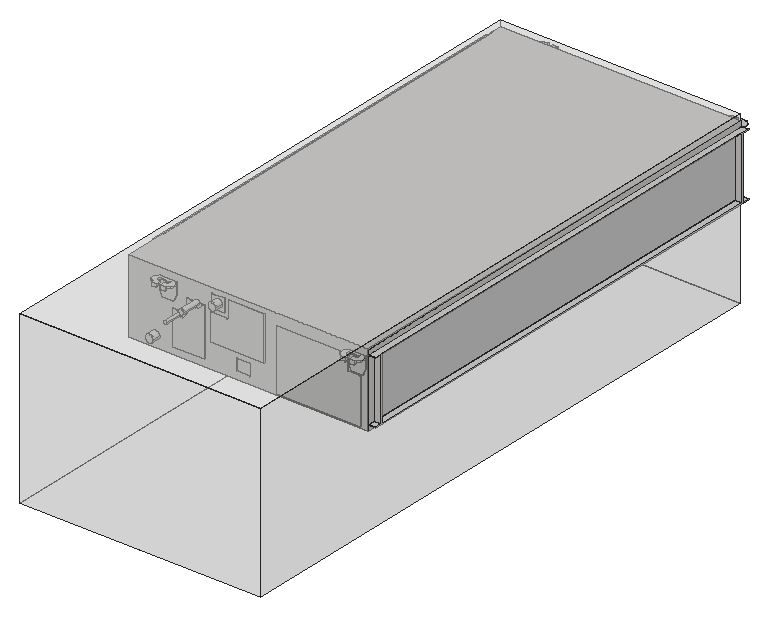
Revit family "outputfile", category 機械設備, Revit 2024
Family settings
  丸型コネクタ寸法 = 半径を使用
  パーツ タイプ = 標準
  OmniClass 番号 = 23.75.10.24.21.27.27
  OmniClass タイトル = Split System Air Conditioning Units
  作業面ベース = いいえ
  常に垂直 = はい
  ロード時にボイドで切り取り = いいえ
  注釈の向きを維持 = いいえ
  共有 = いいえ
  部屋計算ポイント = はい
Parameters (values of type "FXSA140AVM4")
  製造元 = "Daikin"
  書き出し IFC クラス(タイプ) = "IfcUnitaryEquipmentType"
  定義済み IFC タイプ(タイプ) = "AIRCONDITIONINGUNIT"
  モデル = "FXSA140AVM4"
  switch_frequency = yes
  r_Liquid Pipe Size = Liquid Pipe Size / 2  # 4.75 mm
  r_Gas Pipe Size = Gas Pipe Size / 2  # 7.95 mm
  r_Drain Pipe Size = Drain Pipe Size / 2  # 12.5 mm
  lw_power = 770.0 mm
  lh_SA = 138.0 mm
  lw_SA = if(Width = 550.0 mm, 225.0 mm, if(Width = 700.0 mm, 300.0 mm, if(Width = 1000.0 mm, 450.0 mm, if(Width = 1400.0 mm, 650.0 mm, 725.0 mm))))  # 725.0 mm
  lw_RA = if(Width = 550.0 mm, 275.0 mm, if(Width = 700.0 mm, 349.0 mm, if(Width = 1000.0 mm, 499.0 mm, if(Width = 1400.0 mm, 699.0 mm, 775.0 mm))))  # 775.0 mm
  lh_power = 60.0 mm + [h***]  # 60.0 mm
  lh_mountinghole1 = lh_mountinghole + [h***]  # 222.0 mm
  lh_RA = 123.0 mm
  ld_power = Width / 2  # 775.0 mm
  connector_voltage = Voltage_50Hz  # 220 V
  connector_powerinput = [Power Input (Cooling)]  # 0.222 kW
  connector_phase = Phase_50Hz  # 1
  Voltage_comment_60Hz = "220"
  Voltage_comment_50Hz = "220-240"
  Voltage_60Hz = 220 V
  Voltage_50Hz = 220 V
  Total Heating Capacity [instance] = 0.000 kW
  Supply Air Direction [instance] = yes
  Sound Power Level_H speed (dB) = 71
  Power Input (Heating) = 0.217 kW
  Phase_60Hz = 1
  Phase_50Hz = 1
  Nominal Heating Capacity = 18.000 kW
  Minimum External Static Pressure = 50.00 Pa
  Minimum Circuit Amps_60Hz = 3.3 A
  Minimum Circuit Amps_50Hz = 3.3 A
  Maximum Fuse Amps_60Hz = 16.0 A
  Maximum Fuse Amps_50Hz = 16.0 A
  Maximum External Static Pressure = 140.00 Pa
  Material_Casing = DAIKIN_GalvanizedSteel_Casing_indoorunit
  lw_mountinghole = 630.0 mm
  lh_gaspipe = 183.0 mm + [h***]  # 183.0 mm
  lh_mountinghole = 222.0 mm
  lh_liquidpipe = 136.0 mm + [h***]  # 136.0 mm
  lh_drainpipe = 207.0 mm + [h***]  # 207.0 mm
  lh_antena = Height - lh_mountinghole + 1.0 mm  # 24.0 mm
  ld_drainpipe = Width / 2 + 26.0 mm  # 801.0 mm
  ld_liquidpipe = 844.0 mm
  ld_gaspipe = Width / 2 + 65.0 mm  # 840.0 mm
  ld_mountinghole = Width + 38.0 mm  # 1588.0 mm
  h*** = 0.0 mm
  lw_liquidpipe = 179.0 mm
  lw_gaspipe = 229.0 mm
  lw_drainpipe = 300.0 mm
  Width = 1550.0 mm
  Version = "ver.1.0"
  Unit Type = "Duct_M.S.P."
  Unit Mass Weight = 52.00 kg
  Unit Designation [instance] = ""
  Uniclass2015Version = "Products v1.30"
  Uniclass2015Title = "Variable refrigerant flow units"
  Uniclass2015Code = "Pr_70_65_03_94"
  Total Cooling Capacity [instance] = 0.000 kW
  Sound Pressure Level_M speed (dBA) = 40
  Sound Pressure Level_L speed (dBA) = 36
  Sound Pressure Level_H speed (dBA) = 43
  Series = "VRV Fan Coil Unit"
  Sensible Cooling Capacity [instance] = 0.000 kW
  SA Duct Size Width = 1337.0 mm
  SA Duct Size Height = 176.0 mm
  Refrigerant Type = "R32"
  RA Duct Size Width = 1502.0 mm
  RA Duct Size Height = 208.0 mm
  Power Input (Cooling) = 0.222 kW
  Option Accessory 3 [instance] = ""
  Option Accessory 2 [instance] = ""
  Option Accessory 1 [instance] = ""
  Nominal Cooling Capacity = 16.000 kW
  Minimum Airflow = 1680.00 m³/h
  Median Airflow = 2010.00 m³/h
  Maximum Airflow = 2340.00 m³/h
  Load Classification = HVAC
  Liquid Pipe Size = 9.5 mm
  Link_Nested Family [instance] = ""
  IfcVersion = ""
  IfcExportType = "AIRCONDITIONINGUNIT"
  IfcExportAs = "IfcUnitaryEquipmentType"
  Height = 245.0 mm
  Heating Entering Wet Bulb Temperature [instance] = -273.15 °C
  Heating Entering Dry Bulb Temperature [instance] = -273.15 °C
  Heating Ambient Wet Bulb Temperature [instance] = -273.15 °C
  Heating Ambient Dry Bulb Temperature [instance] = -273.15 °C
  Heat Exchanger Type = "Cross Fin Coil"
  Gas Pipe Size = 15.9 mm
  Frequency_60Hz = 60 Hz
  Frequency_50Hz = 50 Hz
  Fan Type = "Sirocco Fan"
  Fan Drive = "Direct Drive"
  FCU Tag No. [instance] = ""
  Drain Pipe Size = 25.0 mm
  Design Supply Airflow [instance] = 0.00 m³/h
  Design Return Airflow [instance] = 0.00 m³/h
  Design External Static Pressure [instance] = 0.00 Pa
  Depth = 800.0 mm
  既定の高さ = 0.0 mm
  Cooling Entering Wet Bulb Temperature [instance] = 0.00 °C
  Cooling Entering Dry Bulb Temperature [instance] = 0.00 °C
  Cooling Ambient Wet Bulb Temperature [instance] = 0.00 °C
  Cooling Ambient Dry Bulb Temperature [instance] = 0.00 °C
  Clearance visibility [instance] = yes
  Clearance Top = 20.0 mm
  Clearance Right = 0.0 mm
  Clearance Rear = 0.0 mm
  Clearance Left = 0.0 mm
  Clearance Front = 450.0 mm
  Clearance Bottom = 300.0 mm
Reference planes
  plane 1 "Center (Front/Back)": y = 0
  plane 2 "h": z = 0
  plane 3 "Center (Left/Right)": x = 0
  plane 4 "Back": y = 775
  plane 5 "Front": y = -775
  plane 6 "Left": x = -400
  plane 7 "Right": x = 400
  plane 8 "Top": z = 0
  plane 9 "Bottom": z = -245
  plane 10: y = -215
  plane 11: y = 775
  plane 12: y = -1225
  plane 13: x = -400
  plane 14: x = 400
  plane 15: z = 20
  plane 16: z = -545
  plane 17: x = -400
  plane 18: x = -399
  plane 19: x = 399
  plane 20: y = 50
  plane 21: y = 0
  plane 22: z = -122
  plane 23: y = -776
  plane 24: z = -109
  plane 25: x = -221
  plane 26: y = -840
  plane 27: z = -62
  plane 28: x = -171
  plane 29: y = -801
  plane 30: z = -38
  plane 31: x = -100
  plane 32: x = -100
  plane 33: x = -221
  plane 34: x = -171
  plane 35: x = 370
  plane 36: x = -266
  plane 37: x = 364
  plane 38: y = -794
  plane 39: y = 794
  plane 40: z = -23
  plane 41: z = -107
  plane 42: y = -844
  plane 43: z = -207
  plane 44: x = -309
  plane 45: y = -376
  plane 46: x = -251
  plane 47: x = -203
  plane 48: x = -144
  plane 49: z = -59
  plane 50: z = -106
  plane 51: z = -221
  plane 52: z = -109
  plane 53: x = -221
  plane 54: z = -62
  plane 55: x = -171
  plane 56: z = -17
  plane 57: z = -59
  plane 58: x = -121
  plane 59: x = -79
  plane 60: x = -125
  plane 61: x = -64
  plane 62: x = 53
  plane 63: z = -164
  plane 64: z = -73
  plane 65: z = -16
  plane 66: x = 93.5
  plane 67: x = 374.5
  plane 68: x = 330
  plane 69: z = -88.5
  plane 70: z = -38
  plane 71: z = -242.5
  plane 72: x = -38.5
  plane 73: x = 6.5
  plane 74: z = -181
  plane 75: z = -221
  plane 76: y = -774
  plane 77: x = -424
  plane 78: x = 424
Forms (mm)
  Extrusion 1, solid, material "DAIKIN_GalvanizedSteel_Casing_indoorunit" <- "Material_Casing"
    sketch origin (0, 0, 0) x (1, 0, 0) y (0, 1, 0)
      loop
        line (-399, 775) -> (-399, -775) -> (399, -775) -> (399, 775) -> (-399, 775)
    from -245 to 0
  Extrusion 2, solid, material "DAIKIN_GalvanizedSteel_Casing_indoorunit" <- "Material_Casing"
    sketch origin (0, 0, 0) x (1, 0, 0) y (0, 0, 1)
      loop
        line (-251, -221) -> (-144, -221) -> (-144, -59) -> (-154.47, -59)
        arc (-154.47, -59) -> (-171, -78.8) -> (-187.53, -59) r 16.8
        line (-187.53, -59) -> (-203, -59) -> (-203, -106) -> (-206.916, -106)
        arc (-206.916, -106) -> (-221, -123.4) -> (-235.084, -106) r 14.4
        line (-235.084, -106) -> (-251, -106) -> (-251, -221)
    from 775 to 776
  Extrusion 3, solid, material "DAIKIN_GalvanizedSteel_Casing_indoorunit" <- "Material_Casing"
    sketch origin (0, 0, 0) x (1, 0, 0) y (0, 0, 1)
      loop
        line (-121, -17) -> (-121, -59) -> (-79, -59) -> (-79, -17) -> (-121, -17)
      loop
        line (-125, -73) -> (-125, -164) -> (53, -164) -> (53, -16) -> (-64, -16) -> (-64, -73) -> (-125, -73)
    from 775 to 776
  Extrusion 4, solid, material "DAIKIN_GalvanizedSteel_Casing_indoorunit" <- "Material_Casing"
    sketch origin (0, 0, 0) x (1, 0, 0) y (0, 0, 1)
      loop
        line (93.5, -38) -> (93.5, -242.5) -> (374.5, -242.5) -> (374.5, -88.5) -> (330, -88.5) -> (330, -38) -> (93.5, -38)
    from 775 to 776
  Extrusion 5, solid, material "DAIKIN_GalvanizedSteel_Casing_indoorunit" <- "Material_Casing"
    sketch origin (0, 0, 0) x (1, 0, 0) y (0, 0, 1)
      loop
        circle (-221, -109) r 4.75
    from 775 to 844
  Extrusion 6, solid, material "DAIKIN_GalvanizedSteel_Casing_indoorunit" <- "Material_Casing"
    sketch origin (0, 0, 0) x (1, 0, 0) y (0, 0, 1)
      loop
        circle (-171, -62) r 7.95
    from 775 to 840
  Extrusion 7, solid, material "DAIKIN_GalvanizedSteel_Casing_indoorunit" <- "Material_Casing"
    sketch origin (0, 0, 0) x (1, 0, 0) y (0, 0, 1)
      loop
        circle (-100, -38) r 12.5
    from 776 to 801
  Extrusion 8, solid, material "DAIKIN_GalvanizedSteel_Casing_indoorunit" <- "Material_Casing"
    sketch origin (0, 0, 0) x (1, 0, 0) y (0, 0, 1)
      loop
        circle (-309, -207) r 13
    from 775 to 801
  Extrusion 9, void
    sketch origin (0, 0, 0) x (1, 0, 0) y (0, 0, 1)
      loop
        line (-38.5, -181) -> (-38.5, -221) -> (6.5, -221) -> (6.5, -181) -> (-38.5, -181)
    from 774 to 775
Cuts and joins
  Extrusion 9 cuts Extrusion 1
Dimensions and locks
  "Height": plane 8 "Top" to plane 9 "Bottom"
  equal spacing: plane 4 "Back", plane 1 "Center (Front/Back)", plane 5 "Front"
  "Width": plane 4 "Back" to plane 5 "Front"
  equal spacing: plane 6 "Left", plane 3 "Center (Left/Right)", plane 7 "Right"
  "Depth": plane 6 "Left" to plane 7 "Right"
  "Clearance Left": plane 13 to plane 6 "Left"
  "Clearance Right": plane 7 "Right" to plane 14
  "Clearance Rear": plane 11 to plane 4 "Back"
  "Clearance Front": plane 5 "Front" to plane 12
  "Clearance Top": plane 15 to plane 8 "Top"
  "Clearance Bottom": plane 9 "Bottom" to plane 16
  locked: plane 17 to plane 18 at 1
  locked: plane 19 to plane 14 at 1
  "lw_SA": plane 11 to plane 20
  "lw_RA": plane 21 to plane 5 "Front"
  "lh_RA": plane 22 to plane 9 "Bottom"
  locked: plane 5 "Front" to plane 23 at 1
  "lw_liquidpipe": plane 25 to plane 6 "Left"
  "lh_liquidpipe": plane 24 to plane 9 "Bottom"
  "lh_gaspipe": plane 27 to plane 9 "Bottom"
  "lw_gaspipe": plane 28 to plane 6 "Left"
  "ld_gaspipe": plane 26 to plane 1 "Center (Front/Back)"
  "ld_drainpipe": plane 29 to plane 1 "Center (Front/Back)"
  "lh_drainpipe": plane 30 to plane 9 "Bottom"
  "lw_drainpipe": plane 31 to plane 6 "Left"
  "lw_drainpipe": plane 6 "Left" to plane 32
  "lw_liquidpipe": plane 6 "Left" to plane 33
  "lw_gaspipe": plane 6 "Left" to plane 34
  "lw_power": plane 6 "Left" to plane 35
  locked: plane 17 to plane 36 at 134
  "lw_mountinghole": plane 36 to plane 37
  equal spacing: plane 38, plane 1 "Center (Front/Back)", plane 39
  "ld_mountinghole": plane 39 to plane 38
  "lh_mountinghole": plane 40 to plane 9 "Bottom"
  "lh_SA": plane 41 to plane 9 "Bottom"
  locked: plane 44 to plane 6 "Left" at 91
  locked: plane 43 to plane 9 "Bottom" at 38
  plane 48 to plane 47 to plane 46 to plane 6 "Left" = 59.0 mm, 48.0 mm, 149.0 mm
  plane 8 "Top" to plane 49 to plane 50 to plane 51 = 59.0 mm locked, 47.0 mm locked, 115.0 mm locked
  plane 55 to plane 53 to plane 6 "Left" = 50.0 mm locked, 179.0 mm locked
  plane 54 to plane 52 to plane 9 "Bottom" = 47.0 mm locked, 136.0 mm locked
  plane 59 to plane 58 to plane 6 "Left" = 42.0 mm locked, 279.0 mm locked
  plane 8 "Top" to plane 56 to plane 57 = 17.0 mm locked, 42.0 mm locked
  plane 62 to plane 61 to plane 60 to plane 6 "Left" = 117.0 mm, 61.0 mm, 275.0 mm
  plane 8 "Top" to plane 65 to plane 64 = 16.0 mm locked, 57.0 mm locked
  locked: plane 65 to plane 63 at 148
  plane 8 "Top" to plane 70 to plane 69 to plane 71 = 38.0 mm locked, 50.5 mm locked, 154.0 mm locked
  plane 67 to plane 68 to plane 66 to plane 6 "Left" = 44.5 mm locked, 236.5 mm locked, 493.5 mm locked
  plane 8 "Top" to plane 74 to plane 75 = 181.0 mm locked, 40.0 mm locked
  plane 73 to plane 72 to plane 6 "Left" = 45.0 mm, 361.5 mm
  locked: plane 76 to plane 5 "Front" at 1
  locked: plane 77 to plane 17 at 24
  locked: plane 14 to plane 78 at 24
  "ld_liquidpipe": plane 42 to plane 1 "Center (Front/Back)"
  "r_Liquid Pipe Size": radius of Extrusion 5 sketch curve
  "r_Gas Pipe Size": radius of Extrusion 6 sketch curve
  "r_Drain Pipe Size": radius of Extrusion 7 sketch curve
  aligned and locked: level to plane 2 "h"
  aligned and locked: plane 8 "Top" to Extrusion 1
  aligned and locked: Extrusion 1 to plane 9 "Bottom"
  aligned and locked: nested 5 to plane 12
  aligned and locked: plane 13 to nested 5
  aligned and locked: plane 14 to nested 5
  aligned and locked: nested 5 to plane 13
  aligned and locked: plane 11 to nested 5
  aligned and locked: plane 15 to nested 5
  aligned and locked: plane 16 to nested 5
  aligned and locked: plane 5 "Front" to Extrusion 1 sketch curve
  aligned and locked: Extrusion 1 to plane 18
  aligned and locked: plane 19 to Extrusion 1
  aligned and locked: nested 7 to plane 18
  aligned and locked: nested 7 to plane 20
  aligned and locked: plane 19 to nested 8
  aligned and locked: plane 21 to nested 8
  aligned and locked: plane 22 to nested 8
  aligned and locked: Extrusion 2 to plane 23
  aligned and locked: plane 5 "Front" to Extrusion 2
  aligned and locked: Extrusion 3 to plane 23
  aligned and locked: plane 5 "Front" to Extrusion 3
  aligned and locked: plane 5 "Front" to Extrusion 4
  aligned and locked: Extrusion 5 sketch curve to plane 25
  aligned and locked: plane 24 to Extrusion 5 sketch curve
  aligned and locked: plane 5 "Front" to Extrusion 5
  aligned and locked: Extrusion 6 sketch curve to plane 28
  aligned and locked: plane 27 to Extrusion 6 sketch curve
  aligned and locked: plane 5 "Front" to Extrusion 6
  aligned and locked: Extrusion 7 sketch curve to plane 31
  aligned and locked: Extrusion 7 sketch curve to plane 30
  aligned and locked: Extrusion 7 to plane 29
  aligned and locked: plane 23 to Extrusion 7
  aligned and locked: nested 3 to plane 29
  aligned and locked: nested 3 to plane 32
  aligned and locked: nested 2 to plane 33
  aligned and locked: nested 1 to plane 34
  aligned and locked: Extrusion 6 to plane 26
  aligned and locked: nested 1 to plane 26
  aligned and locked: nested 6 to plane 5 "Front"
  aligned and locked: nested 6 to plane 35
  aligned and locked: plane 36 to nested 10
  aligned and locked: nested 10 to plane 5 "Front"
  aligned and locked: plane 37 to nested 9
  aligned and locked: nested 9 to plane 5 "Front"
  aligned and locked: nested 11 to plane 36
  aligned and locked: plane 4 "Back" to nested 11
  aligned and locked: nested 12 to plane 37
  aligned and locked: plane 4 "Back" to nested 12
  aligned and locked: plane 40 to nested 10
  aligned and locked: plane 40 to nested 11
  aligned and locked: plane 40 to nested 9
  aligned and locked: plane 40 to nested 12
  aligned and locked: plane 36 to nested 14
  aligned and locked: nested 14 to plane 39
  aligned and locked: plane 37 to nested 13
  aligned and locked: nested 13 to plane 39
  aligned and locked: plane 37 to nested 16
  aligned and locked: plane 38 to nested 16
  aligned and locked: plane 38 to nested 15
  aligned and locked: plane 36 to nested 15
  aligned and locked: plane 17 to plane 6 "Left"
  aligned and locked: plane 41 to nested 7
  aligned and locked: Extrusion 5 to plane 42
  aligned and locked: nested 2 to plane 42
  aligned and locked: Extrusion 8 sketch curve to plane 44
  aligned and locked: plane 43 to Extrusion 8 sketch curve
  aligned and locked: plane 5 "Front" to Extrusion 8
  aligned and locked: Extrusion 3 sketch curve to plane 56
  aligned and locked: Extrusion 3 sketch curve to plane 58
  aligned and locked: plane 57 to Extrusion 3 sketch curve
  aligned and locked: plane 59 to Extrusion 3 sketch curve
  aligned and locked: Extrusion 4 to plane 23
  aligned and locked: Extrusion 9 sketch curve to plane 74
  aligned and locked: plane 75 to Extrusion 9 sketch curve
  aligned and locked: plane 73 to Extrusion 9 sketch curve
  aligned and locked: plane 5 "Front" to Extrusion 9
  aligned and locked: plane 76 to Extrusion 9
  aligned and locked: nested 17 to plane 20
  aligned and locked: nested 17 to plane 77
  aligned and locked: plane 21 to nested 18
  aligned and locked: plane 78 to nested 18
  aligned and locked: plane 41 to nested 17
  aligned and locked: nested 18 to plane 22
  aligned and locked: nested 4 to plane 3 "Center (Left/Right)"
  aligned and locked: plane 1 "Center (Front/Back)" to nested 4
  aligned and locked: level to plane 8 "Top"
  aligned and locked: Extrusion 8 to plane 29
Automatic sketch dimensions
  plane 6 "Left" to Extrusion 1 sketch curve = 1.0 mm
  Extrusion 1 sketch curve to plane 7 "Right" = 1.0 mm
  Extrusion 1 sketch curve to plane 4 "Back" = 0.0 mm
  Extrusion 2 sketch curve to plane 46 = 0.0 mm
  Extrusion 2 sketch curve to plane 33 = 0.0 mm
  Extrusion 2 sketch curve to plane 47 = 0.0 mm
  Extrusion 2 sketch curve to plane 34 = 0.0 mm
  Extrusion 2 sketch curve to plane 48 = 0.0 mm
  Extrusion 2 sketch curve to plane 51 = 0.0 mm
  Extrusion 2 sketch curve to plane 52 = 0.0 mm
  Extrusion 2 sketch curve to plane 50 = 0.0 mm  (x3)
  Extrusion 2 sketch curve to plane 54 = 0.0 mm
  Extrusion 2 sketch curve to plane 49 = 0.0 mm  (x3)
  plane 33 to Extrusion 2 sketch curve = 14.084 mm
  plane 34 to Extrusion 2 sketch curve = 16.53 mm
  Extrusion 3 sketch curve to plane 60 = 0.0 mm
  Extrusion 3 sketch curve to plane 61 = 0.0 mm
  Extrusion 3 sketch curve to plane 62 = 0.0 mm
  Extrusion 3 sketch curve to plane 63 = 0.0 mm
  Extrusion 3 sketch curve to plane 64 = 0.0 mm
  Extrusion 3 sketch curve to plane 65 = 0.0 mm
  Extrusion 4 sketch curve to plane 66 = 0.0 mm
  Extrusion 4 sketch curve to plane 68 = 0.0 mm
  Extrusion 4 sketch curve to plane 67 = 0.0 mm
  Extrusion 4 sketch curve to plane 71 = 0.0 mm
  Extrusion 4 sketch curve to plane 69 = 0.0 mm
  Extrusion 4 sketch curve to plane 70 = 0.0 mm
  Extrusion 9 sketch curve to plane 72 = 0.0 mm
  radius of Extrusion 8 sketch curve = 13.0 mm
Nested families
  nested 1: "daikin_connector_rotate2" at (-171, 0, -62), length <- "ld_gaspipe", built-in parameter 1001364 <- "lh_gaspipe", radius <- "r_Gas Pipe Size", type "daikin_connector_rotate2"
    with radius 7.95 mm, length 840.0 mm, angle_vertical 90.00°
  nested 2: "daikin_connector_rotate2" at (-221, 0, -109), length <- "ld_liquidpipe", built-in parameter 1001364 <- "lh_liquidpipe", radius <- "r_Liquid Pipe Size", type "daikin_connector_rotate2"
    with radius 4.75 mm, length 844.0 mm, angle_vertical 90.00°
  nested 3: "daikin_connector_rotate2" at (-100, 0, -38), length <- "ld_drainpipe", built-in parameter 1001364 <- "lh_drainpipe", radius <- "r_Drain Pipe Size", type "daikin_connector_rotate2"
    with radius 12.5 mm, length 801.0 mm, angle_vertical 90.00°
  nested 4: "daikin_△_symbolicline" at (0, 0, 245) x (0, -1, 0) z (0, 0, 1), built-in parameter 1001364 <- "Height", visible <- "Supply Air Direction", type "daikin_△_symbolicline"
    with length 200.0 mm
  nested 5: "daikin_clearancespace" at (0, -225, -262.381), visible <- "Clearance visibility", show <- "Clearance visibility", Link_Nested Family <- "Link_Nested Family", type "daikin_clearancespace"
    with width 800.0 mm, show yes, height 565.0 mm, depth 2000.0 mm, Link_Nested Family ""
  nested 6: "daikin_connector_rotate2" at (370, 0, -185), built-in parameter 1001364 <- "lh_power", length <- "ld_power", type "daikin_connector_rotate2"
    with radius 10.0 mm, length 775.0 mm, angle_vertical 90.00°
  nested 7: "daikin_ductflange_FXFSA-AVM4_2" at (-399, 50, -107) x (0, -1, 0) z (0, 0, 1), type "daikin_ductflange_FXFSA-AV4_2"
    with width 1337.0 mm, w1 24.0 mm, w 1550.0 mm
  nested 8: "daikin_ductflange_FXFSA-AVM4" at (399, 0, -122) x (0, 1, 0) z (0, 0, 1), type "daikin_ductflange_FXFSA-AVM4"
    with width 1502.0 mm, lw 25.0 mm, w 1550.0 mm
  nested 9: "FXFSA-AVM4" at (364, -775, -23), type "daikin_hangerfixture_FXSA-AVM4"
  nested 10: "FXFSA-AVM4" at (-266, -775, -23), type "daikin_hangerfixture_FXSA-AVM4"
  nested 11: "FXFSA-AVM4" at (-266, 775, -23) x (-1, 0, 0) z (0, 0, 1), type "daikin_hangerfixture_FXSA-AVM4"
  nested 12: "FXFSA-AVM4" at (364, 775, -23) x (-1, 0, 0) z (0, 0, 1), type "daikin_hangerfixture_FXSA-AVM4"
  nested 13: "daikin_mountinghole" at (364, 794, -245), h_mountinghole <- "lh_mountinghole1", l_antenna <- "lh_antena", Link_Nested Family <- "Link_Nested Family", type "daikin_mountinghole"
    with show yes, l_antenna 24.0 mm, h_mountinghole 222.0 mm, Link_Nested Family ""
  nested 14: "daikin_mountinghole" at (-266, 794, -245), h_mountinghole <- "lh_mountinghole1", l_antenna <- "lh_antena", Link_Nested Family <- "Link_Nested Family", type "daikin_mountinghole"
    with show yes, l_antenna 24.0 mm, h_mountinghole 222.0 mm, Link_Nested Family ""
  nested 15: "daikin_mountinghole" at (-266, -794, -245), h_mountinghole <- "lh_mountinghole1", l_antenna <- "lh_antena", Link_Nested Family <- "Link_Nested Family", type "daikin_mountinghole"
    with show yes, l_antenna 24.0 mm, h_mountinghole 222.0 mm, Link_Nested Family ""
  nested 16: "daikin_mountinghole" at (364, -794, -245), h_mountinghole <- "lh_mountinghole1", l_antenna <- "lh_antena", Link_Nested Family <- "Link_Nested Family", type "daikin_mountinghole"
    with show yes, l_antenna 24.0 mm, h_mountinghole 222.0 mm, Link_Nested Family ""
  nested 17: "daikin_connector_rotate2" at (-400, 50, -107) x (0, -1, 0) z (0, 0, 1), type "daikin_connector_rotate2"
    with radius 10.0 mm, length 24.0 mm, angle_vertical 90.00°
  nested 18: "daikin_connector_rotate2" at (400, 0, -122) x (0, 1, 0) z (0, 0, 1), type "daikin_connector_rotate2"
    with radius 10.0 mm, length 24.0 mm, angle_vertical 90.00°
Connectors
  piping at (-100, -801, -38), diameter 25, driven by "r_Drain Pipe Size"
    settings: on nested 3, index 3, connector inside diameter 609.6 mm, connector length 0.0 mm, flow factor 0, pipe flow 0.00 m³/h, pressure drop 0.0 Pa, fitting loss kfactor 0, connector angle 0.00°, fixture units 0, engagement length 0.0 mm, angle of deflection 0.00°, flow configuration 1, flow direction 2, fitting loss method 4, system type 16, joint type 0, gender type 0, connector reference index -1, connector utility 0, adjustable connector no, is connector primary yes, connector description "Condensate Drain Piping"
  piping at (-171, -840, -62), diameter 15.9, driven by "r_Gas Pipe Size"
    settings: on nested 1, index 4, connector inside diameter 609.6 mm, connector length 0.0 mm, flow factor 0, pipe flow 0.00 m³/h, pressure drop 0.0 Pa, fitting loss kfactor 0, connector angle 0.00°, fixture units 0, engagement length 0.0 mm, angle of deflection 0.00°, flow configuration 1, flow direction 2, fitting loss method 0, system type 29, joint type 0, gender type 0, connector reference index -1, connector utility 0, adjustable connector no, is connector primary no, connector description "Refrigerant Gas Piping"
  piping at (-221, -844, -109), diameter 9.5, driven by "r_Liquid Pipe Size"
    settings: on nested 2, index 5, connector inside diameter 609.6 mm, connector length 0.0 mm, flow factor 0, pipe flow 0.00 m³/h, pressure drop 0.0 Pa, fitting loss kfactor 0, connector angle 0.00°, fixture units 0, engagement length 0.0 mm, angle of deflection 0.00°, flow configuration 1, flow direction 1, fitting loss method 0, system type 29, joint type 0, gender type 0, connector reference index -1, connector utility 0, adjustable connector no, is connector primary no, connector description "Refrigerant Liquid Piping"
  electrical at (370, -775, -185), driven by "Load Classification", driven by "connector_voltage", driven by "connector_phase", driven by "connector_powerinput"
    settings: on nested 6, index 6, voltage 220 V, apparent load 222 VA, apparent load phase1 0 VA, apparent load phase2 0 VA, apparent load phase3 0 VA, power factor 1, load classification "HVAC", number of poles 1, system type 30, power factor state 1, is connector primary yes, connector utility no, sub classification motor no, connector description "Power Supply"
  hvac at (-424, 50, -107), driven by "SA Duct Size Height", driven by "SA Duct Size Width"
    settings: on nested 17, index 7, duct flow 0.00 m³/h, flow factor 0, pres drop 0.00 Pa, loss coef 0, conn angle 0.00°, conn width 1337.0 mm, conn height 176.0 mm, conn diameter 609.6 mm, duct sys type 1, conn prof type 1, flow config 0, flow direction 2, loss method 4, conn ref index -1, conn util no, is conn primary yes, conn desc "SA Duct"
  hvac at (424, 0, -122), driven by "RA Duct Size Height", driven by "RA Duct Size Width"
    settings: on nested 18, index 8, duct flow 0.00 m³/h, flow factor 0, pres drop 0.00 Pa, loss coef 0, conn angle 0.00°, conn width 1502.0 mm, conn height 208.0 mm, conn diameter 609.6 mm, duct sys type 2, conn prof type 1, flow config 0, flow direction 1, loss method 4, conn ref index -1, conn util no, is conn primary no, conn desc "RA Duct"
Definition of nested family "daikin_clearancespace"
  Parameters (values of type "daikin_clearancespace")
    Description = "daikin_clearancespace"
    width [instance] = 1823.963 mm
    show [instance] = yes
    material = none
    height [instance] = 1359.762 mm
    depth [instance] = 880.0 mm
    Default Elevation = 0.0 mm
    Link_Nested Family [instance] = ""
  Reference planes
    plane 1 "Center (Front/Back)": y = 0
    plane 2 "Center (Elevation)": z = -0.119
    plane 3 "Center (Left/Right)": x = 0
    plane 4: y = 440
    plane 5: y = -440
    plane 6 "Right": x = 911.982
    plane 7 "Left": x = -911.982
    plane 8 "Top": z = 679.762
    plane 9 "Bottom": z = -680
  Forms (mm)
    Extrusion 1, solid, material <- "material", visible <- "show"
      sketch origin (0, 0, 0) x (1, 0, 0) y (0, 1, 0)
        loop
          line (-911.982, 440) -> (-911.982, -440) -> (911.982, -440) -> (911.982, 440) -> (-911.982, 440)
      from -680 to 679.762
  Lines and regions (mm)
    symbolic lines, visible <- "show"
      curve 1: line (911.982, 440, 0) -> (-911.982, 440, 0)
      curve 2: line (-911.982, 440, 0) -> (-911.982, -440, 0)
      curve 3: line (-911.982, -440, 0) -> (911.982, -440, 0)
      curve 4: line (911.982, -440, 0) -> (911.982, 440, 0)
      curve 5: line (911.982, 0, 679.762) -> (-911.982, 0, 679.762)
      curve 6: line (911.982, 0, -680) -> (911.982, 0, 679.762)
      curve 7: line (-911.982, 0, -680) -> (911.982, 0, -680)
      curve 8: line (-911.982, 0, 679.762) -> (-911.982, 0, -680)
      curve 9: line (0, 440, 679.762) -> (0, -440, 679.762)
      curve 10: line (0, -440, 679.762) -> (0, -440, -680)
      curve 11: line (0, 440, -680) -> (0, 440, 679.762)
      curve 12: line (0, -440, -680) -> (0, 440, -680)
  Dimensions and locks
    "width": plane 7 "Left" to plane 6 "Right"
    "depth": plane 4 to plane 5
    "height": plane 8 "Top" to plane 9 "Bottom"
    equal spacing: plane 7 "Left", plane 3 "Center (Left/Right)", plane 6 "Right"
    equal spacing: plane 4, plane 1 "Center (Front/Back)", plane 5
    equal spacing: plane 8 "Top", plane 2 "Center (Elevation)", plane 9 "Bottom"
    aligned and locked: level to plane 2 "Center (Elevation)"
    aligned and locked: Extrusion 1 sketch curve to plane 4
    aligned and locked: plane 7 "Left" to Extrusion 1 sketch curve
    aligned and locked: Extrusion 1 sketch curve to plane 5
    aligned and locked: Extrusion 1 sketch curve to plane 6 "Right"
    aligned and locked: plane 8 "Top" to Extrusion 1
    aligned and locked: curve 1 to Extrusion 1
    aligned and locked: curve 2 to Extrusion 1
    aligned and locked: curve 3 to Extrusion 1
    aligned and locked: curve 4 to Extrusion 1
    aligned and locked: curve 5 to Extrusion 1
    aligned and locked: curve 6 to Extrusion 1
    aligned and locked: curve 7 to Extrusion 1
    aligned and locked: curve 8 to Extrusion 1
    aligned and locked: curve 9 to Extrusion 1
    aligned and locked: curve 10 to Extrusion 1
    aligned and locked: curve 11 to Extrusion 1
    aligned and locked: curve 12 to Extrusion 1
    aligned and locked: Extrusion 1 to plane 9 "Bottom"
Definition of nested family "daikin_ductflange_FXFSA-AVM4_2"
  Parameters (values of type "daikin_ductflange_FBA-BVMA2")
    width = if(w = 550.0 mm, 337.0 mm, if(w = 700.0 mm, 492.0 mm, if(w = 1000.0 mm, 792.0 mm, if(w = 1400.0 mm, 1192.0 mm, 1337.0 mm))))  # 492.0 mm
    w1 = if(w = 550.0 mm, 24.0 mm, if(w = 700.0 mm, 21.5 mm, if(w = 1000.0 mm, 21.5 mm, if(w = 1400.0 mm, 21.5 mm, 24.0 mm))))  # 21.5 mm
    material = none
    height = 215.0 mm
    depth = 1.0 mm
    w = 700.0 mm
    Default Elevation = 0.0 mm
  Reference planes
    plane 1 "Center (Front/Back)": y = 0
    plane 2: z = 0
    plane 3 "Center (Left/Right)": x = 0
    plane 4: z = 88
    plane 5: z = -88
    plane 6: y = -25
    plane 7: z = 106
    plane 8: z = 89
    plane 9: y = -1
    plane 10: x = -267.5
    plane 11: x = 267.5
    plane 12: z = -106
    plane 13: z = -89
    plane 14: y = -1
    plane 15: x = 246
    plane 16: x = -246
    plane 17: x = 247
    plane 18: z = 87
    plane 19: z = -87
    plane 20: x = -247
    plane 21: z = 87
    plane 22: z = -87
    plane 23: y = -1
  Forms (mm)
    Extrusion 1, solid, material <- "material"
      sketch origin (0, 0, 0) x (0, 1, 0) y (0, 0, 1)
        loop
          line (-25, 88) -> (0, 88) -> (0, 106) -> (-1, 106) -> (-1, 89) -> (-25, 89) -> (-25, 88)
      from -267.5 to 267.5
    Extrusion 2, solid, material <- "material"
      sketch origin (0, 0, 0) x (0, 1, 0) y (0, 0, 1)
        loop
          line (-25, -88) -> (-25, -89) -> (-1, -89) -> (-1, -106) -> (0, -106) -> (0, -88) -> (-25, -88)
      from -267.5 to 267.5
    Extrusion 3, solid, material <- "material"
      sketch origin (0, 0, 0) x (1, 0, 0) y (0, 0, 1)
        loop
          line (246, 88) -> (246, -88) -> (267.5, -88) -> (267.5, -87) -> (247, -87) -> (247, 87) -> (267.5, 87) -> (267.5, 88) -> (246, 88)
      from 0 to 25
    Extrusion 4, solid, material <- "material"
      sketch origin (0, 0, 0) x (1, 0, 0) y (0, 0, 1)
        loop
          line (-267.5, 88) -> (-267.5, 87) -> (-247, 87) -> (-247, -87) -> (-267.5, -87) -> (-267.5, -88) -> (-246, -88) -> (-246, 88) -> (-267.5, 88)
      from 0 to 25
    Extrusion 5, solid, material <- "material"
      sketch origin (0, 0, 0) x (1, 0, 0) y (0, 0, 1)
        loop
          line (-267.5, 88) -> (-267.5, -88) -> (-246, -88) -> (-246, 88) -> (-267.5, 88)
        loop
          line (267.5, 88) -> (246, 88) -> (246, -88) -> (267.5, -88) -> (267.5, 88)
      from 0 to 1
  Cuts and joins
    joined: Extrusion 1, Extrusion 2, Extrusion 3, Extrusion 4, Extrusion 5
  Dimensions and locks
    plane 4 to level to plane 5 = 88.0 mm, 88.0 mm
    locked: plane 6 to plane 1 "Center (Front/Back)" at 25
    locked: plane 9 to plane 1 "Center (Front/Back)" at 1
    locked: plane 8 to plane 4 at 1
    "w1": plane 16 to plane 10
    locked: plane 17 to plane 15 at 1
    locked: plane 4 to plane 18 at 1
    locked: plane 19 to plane 5 at 1
    "width": plane 15 to plane 16
    plane 4 to plane 5 = 176.0 mm
    locked: plane 16 to plane 20 at 1
    locked: plane 4 to plane 21 at 1
    locked: plane 22 to plane 5 at 1
    locked: plane 23 to plane 1 "Center (Front/Back)" at 1
    plane 4 to level to plane 5 = 88.0 mm locked, 88.0 mm locked
    locked: plane 5 to plane 13 at 1
    locked: plane 5 to plane 12 at 18
    locked: plane 7 to plane 4 at 18
    equal spacing: plane 15, plane 3 "Center (Left/Right)", plane 16
    "w1": plane 11 to plane 15
    plane 11 to plane 10 = 535.0 mm
    aligned and locked: level to plane 2
    aligned and locked: Extrusion 1 to plane 10
    aligned and locked: plane 11 to Extrusion 1
    aligned and locked: plane 5 to Extrusion 2
    aligned and locked: Extrusion 2 to plane 1 "Center (Front/Back)"
    aligned and locked: plane 15 to Extrusion 3 sketch curve
    aligned and locked: Extrusion 3 sketch curve to Extrusion 2  (x2)
    aligned and locked: Extrusion 3 sketch curve to plane 11
    aligned and locked: plane 6 to Extrusion 3
    aligned and locked: Extrusion 2 to plane 10
    aligned and locked: plane 11 to Extrusion 2
    aligned and locked: Extrusion 4 sketch curve to Extrusion 1  (x2)
    aligned and locked: plane 5 to Extrusion 4 sketch curve
    aligned and locked: Extrusion 4 sketch curve to plane 16
    aligned and locked: Extrusion 4 sketch curve to plane 22
    aligned and locked: plane 20 to Extrusion 4 sketch curve
    aligned and locked: plane 21 to Extrusion 4 sketch curve
    aligned and locked: Extrusion 4 to plane 1 "Center (Front/Back)"
    aligned and locked: plane 6 to Extrusion 4
    aligned and locked: Extrusion 5 sketch curve to Extrusion 1  (x4)
    aligned and locked: Extrusion 5 sketch curve to Extrusion 4  (x2)
    aligned and locked: Extrusion 5 sketch curve to Extrusion 3  (x2)
    aligned and locked: Extrusion 5 to plane 1 "Center (Front/Back)"
    aligned and locked: plane 23 to Extrusion 5
  Automatic sketch dimensions
    Extrusion 1 sketch curve to plane 6 = 0.0 mm
    Extrusion 1 sketch curve to plane 7 = 0.0 mm
    Extrusion 1 sketch curve to plane 9 = 0.0 mm
    Extrusion 1 sketch curve to plane 1 "Center (Front/Back)" = 0.0 mm
    Extrusion 1 sketch curve to plane 4 = 0.0 mm
    Extrusion 1 sketch curve to plane 8 = 0.0 mm
    Extrusion 2 sketch curve to plane 6 = 0.0 mm
    plane 12 to Extrusion 2 sketch curve = 0.0 mm
    Extrusion 2 sketch curve to plane 14 = 0.0 mm
    Extrusion 2 sketch curve to plane 1 "Center (Front/Back)" = 0.0 mm
    plane 13 to Extrusion 2 sketch curve = 0.0 mm
    Extrusion 2 sketch curve to plane 5 = 0.0 mm
    Extrusion 3 sketch curve to plane 17 = 0.0 mm
    Extrusion 3 sketch curve to plane 19 = 0.0 mm
    Extrusion 3 sketch curve to plane 18 = 0.0 mm
    Extrusion 3 sketch curve to plane 4 = 0.0 mm
    Extrusion 4 sketch curve to plane 10 = 0.0 mm
Definition of nested family "daikin_ductflange_FXFSA-AVM4"
  Parameters (values of type "daikin_ductflange_FBFC-DVMG")
    width = if(w = 550.0 mm, 502.0 mm, if(w = 700.0 mm, 654.0 mm, if(w = 1000.0 mm, 952.0 mm, if(w = 1400.0 mm, 1352.0 mm, 1502.0 mm))))  # 654.0 mm
    material = none
    lw = if(width = 654.0 mm, 23.0 mm, 25.0 mm)  # 23.0 mm
    height = 208.0 mm
    depth = 1.0 mm
    w = 700.0 mm
    Default Elevation = 0.0 mm
  Reference planes
    plane 1 "Center (Front/Back)": y = 0
    plane 2: z = 0
    plane 3 "Center (Left/Right)": x = 0
    plane 4: z = 104
    plane 5: z = -104
    plane 6: y = -25
    plane 7: z = 121
    plane 8: z = 105
    plane 9: y = -1
    plane 10: x = -350
    plane 11: x = 350
    plane 12: z = -122
    plane 13: z = -105
    plane 14: y = -1
    plane 15: x = 327
    plane 16: x = -327
    plane 17: x = 328
    plane 18: z = 103
    plane 19: z = -103
    plane 20: x = -328
    plane 21: z = 103
    plane 22: z = -103
    plane 23: y = -1
  Forms (mm)
    Extrusion 1, solid, material <- "material"
      sketch origin (0, 0, 0) x (0, 1, 0) y (0, 0, 1)
        loop
          line (-25, 104) -> (0, 104) -> (0, 121) -> (-1, 121) -> (-1, 105) -> (-25, 105) -> (-25, 104)
      from -350 to 350
    Extrusion 2, solid, material <- "material"
      sketch origin (0, 0, 0) x (0, 1, 0) y (0, 0, 1)
        loop
          line (-25, -104) -> (-25, -105) -> (-1, -105) -> (-1, -122) -> (0, -122) -> (0, -104) -> (-25, -104)
      from -350 to 350
    Extrusion 3, solid, material <- "material"
      sketch origin (0, 0, 0) x (1, 0, 0) y (0, 0, 1)
        loop
          line (327, 104) -> (327, -104) -> (350, -104) -> (350, -103) -> (328, -103) -> (328, 103) -> (350, 103) -> (350, 104) -> (327, 104)
      from 0 to 25
    Extrusion 4, solid, material <- "material"
      sketch origin (0, 0, 0) x (1, 0, 0) y (0, 0, 1)
        loop
          line (-350, 104) -> (-350, 103) -> (-328, 103) -> (-328, -103) -> (-350, -103) -> (-350, -104) -> (-327, -104) -> (-327, 104) -> (-350, 104)
      from 0 to 25
    Extrusion 5, solid, material <- "material"
      sketch origin (0, 0, 0) x (1, 0, 0) y (0, 0, 1)
        loop
          line (-350, 104) -> (-350, -104) -> (-327, -104) -> (-327, 104) -> (-350, 104)
        loop
          line (350, 104) -> (327, 104) -> (327, -104) -> (350, -104) -> (350, 104)
      from 0 to 1
  Cuts and joins
    joined: Extrusion 1, Extrusion 2, Extrusion 3, Extrusion 4, Extrusion 5
  Dimensions and locks
    plane 4 to level to plane 5 = 104.0 mm, 104.0 mm
    locked: plane 6 to plane 1 "Center (Front/Back)" at 25
    locked: plane 9 to plane 1 "Center (Front/Back)" at 1
    locked: plane 8 to plane 4 at 1
    "lw": plane 11 to plane 15
    "lw": plane 16 to plane 10
    locked: plane 17 to plane 15 at 1
    locked: plane 4 to plane 18 at 1
    locked: plane 19 to plane 5 at 1
    "width": plane 15 to plane 16
    equal spacing: plane 15, plane 3 "Center (Left/Right)", plane 16
    locked: plane 16 to plane 20 at 1
    locked: plane 4 to plane 21 at 1
    locked: plane 22 to plane 5 at 1
    locked: plane 23 to plane 1 "Center (Front/Back)" at 1
    locked: plane 7 to plane 4 at 17
    locked: plane 1 "Center (Front/Back)" to plane 14 at 1
    locked: plane 5 to plane 13 at 1
    "height": plane 4 to plane 5
    plane 11 to plane 10 = 700.0 mm
    locked: plane 12 to plane 13 at 17
    equal spacing: plane 4, level, plane 5
    aligned and locked: level to plane 2
    aligned and locked: Extrusion 1 to plane 10
    aligned and locked: plane 11 to Extrusion 1
    aligned and locked: plane 5 to Extrusion 2
    aligned and locked: Extrusion 2 to plane 1 "Center (Front/Back)"
    aligned and locked: plane 15 to Extrusion 3 sketch curve
    aligned and locked: Extrusion 3 sketch curve to Extrusion 2  (x2)
    aligned and locked: Extrusion 3 sketch curve to plane 11
    aligned and locked: plane 6 to Extrusion 3
    aligned and locked: Extrusion 2 to plane 10
    aligned and locked: plane 11 to Extrusion 2
    aligned and locked: Extrusion 4 sketch curve to Extrusion 1  (x2)
    aligned and locked: plane 5 to Extrusion 4 sketch curve
    aligned and locked: Extrusion 4 sketch curve to plane 16
    aligned and locked: Extrusion 4 sketch curve to plane 22
    aligned and locked: plane 20 to Extrusion 4 sketch curve
    aligned and locked: plane 21 to Extrusion 4 sketch curve
    aligned and locked: Extrusion 4 to plane 1 "Center (Front/Back)"
    aligned and locked: plane 6 to Extrusion 4
    aligned and locked: Extrusion 5 sketch curve to Extrusion 1  (x4)
    aligned and locked: Extrusion 5 sketch curve to Extrusion 4  (x2)
    aligned and locked: Extrusion 5 sketch curve to Extrusion 3  (x2)
    aligned and locked: Extrusion 5 to plane 1 "Center (Front/Back)"
    aligned and locked: plane 23 to Extrusion 5
  Automatic sketch dimensions
    Extrusion 1 sketch curve to plane 6 = 0.0 mm
    Extrusion 1 sketch curve to plane 7 = 0.0 mm
    Extrusion 1 sketch curve to plane 9 = 0.0 mm
    Extrusion 1 sketch curve to plane 1 "Center (Front/Back)" = 0.0 mm
    Extrusion 1 sketch curve to plane 4 = 0.0 mm
    Extrusion 1 sketch curve to plane 8 = 0.0 mm
    Extrusion 2 sketch curve to plane 6 = 0.0 mm
    plane 12 to Extrusion 2 sketch curve = 0.0 mm
    Extrusion 2 sketch curve to plane 14 = 0.0 mm
    Extrusion 2 sketch curve to plane 1 "Center (Front/Back)" = 0.0 mm
    plane 13 to Extrusion 2 sketch curve = 0.0 mm
    Extrusion 2 sketch curve to plane 5 = 0.0 mm
    Extrusion 3 sketch curve to plane 17 = 0.0 mm
    Extrusion 3 sketch curve to plane 19 = 0.0 mm
    Extrusion 3 sketch curve to plane 18 = 0.0 mm
    Extrusion 3 sketch curve to plane 4 = 0.0 mm
    Extrusion 4 sketch curve to plane 10 = 0.0 mm
Definition of nested family "FXFSA-AVM4"
  Parameters (values of type "daikin_hangerfixture_FXMQ-PAVE")
    width = 72.0 mm
    material = none
    height = 60.0 mm
    depth = 41.0 mm
    Default Elevation = 0.0 mm
  Reference planes
    plane 1 "Center (Front/Back)": y = 0
    plane 2: z = 0
    plane 3 "Center (Left/Right)": x = 0
    plane 4: y = 417.146
    plane 5: y = -41
    plane 6: x = -36
    plane 7: x = 36
    plane 8: z = -2.3
    plane 9: z = -60
    plane 10: y = -2.3
    plane 11: z = -12
    plane 12: y = -38.7
  Forms (mm)
    Extrusion 1, solid, material <- "material"
      sketch origin (0, 0, 0) x (1, 0, 0) y (0, 1, 0)
        loop
          line (-28, 0) -> (-28, -5)
          arc (-28, -5) -> (-29.127, -8.162) -> (-32, -9.899) r 5
          arc (-32, -9.899) -> (-34.873, -11.636) -> (-36, -14.798) r 5
          line (-36, -14.798) -> (-36, -27.178)
          arc (-36, -27.178) -> (-35.429, -29.499) -> (-33.846, -31.289) r 5
          line (-33.846, -31.289) -> (-23, -38.798) -> (-23, -41.098) -> (-6.5, -41.098) -> (-6.5, -28.498)
          arc (-6.5, -28.498) -> (-7.379, -26.377) -> (-9.5, -25.498) r 3
          line (-9.5, -25.498) -> (-13.5, -25.498)
          arc (-13.5, -25.498) -> (-20, -18.998) -> (-13.5, -12.498) r 6.5
          line (-13.5, -12.498) -> (13.5, -12.498)
          arc (13.5, -12.498) -> (20, -18.998) -> (13.5, -25.498) r 6.5
          line (13.5, -25.498) -> (9.5, -25.498)
          arc (9.5, -25.498) -> (7.379, -26.377) -> (6.5, -28.498) r 3
          line (6.5, -28.498) -> (6.5, -41.098) -> (23, -41.098) -> (23, -38.798) -> (33.846, -31.289)
          arc (33.846, -31.289) -> (35.429, -29.499) -> (36, -27.178) r 5
          line (36, -27.178) -> (36, -14.596)
          arc (36, -14.596) -> (34.873, -11.434) -> (32, -9.697) r 5
          arc (32, -9.697) -> (29.127, -7.96) -> (28, -4.798) r 5
          line (28, -4.798) -> (28, 0) -> (-28, 0)
      from 0 to -2.3
    Extrusion 2, solid, material <- "material"
      sketch origin (0, 0, 0) x (1, 0, 0) y (0, 0, 1)
        loop
          line (28, -39.037) -> (28, 0) -> (-28, 0) -> (-28, -39.037)
          arc (-28, -39.037) -> (-27.91, -39.983) -> (-27.642, -40.894) r 5
          line (-27.642, -40.894) -> (-21.257, -56.857)
          arc (-21.257, -56.857) -> (-19.418, -59.14) -> (-16.615, -60) r 5
          line (-16.615, -60) -> (16.615, -60)
          arc (16.615, -60) -> (19.418, -59.14) -> (21.257, -56.857) r 5
          line (21.257, -56.857) -> (27.642, -40.894)
          arc (27.642, -40.894) -> (27.91, -39.983) -> (28, -39.037) r 5
      from 0 to 2.3
    Extrusion 3, solid, material <- "material"
      sketch origin (0, 0, 0) x (1, 0, 0) y (0, 0, 1)
        loop
          line (-23, 0) -> (-23, -9)
          arc (-23, -9) -> (-22.121, -11.121) -> (-20, -12) r 3
          line (-20, -12) -> (-9.5, -12)
          arc (-9.5, -12) -> (-7.379, -11.121) -> (-6.5, -9) r 3
          line (-6.5, -9) -> (-6.5, 0) -> (-23, 0)
        loop
          line (23, 0) -> (6.5, 0) -> (6.5, -9)
          arc (6.5, -9) -> (7.379, -11.121) -> (9.5, -12) r 3
          line (9.5, -12) -> (20, -12)
          arc (20, -12) -> (22.121, -11.121) -> (23, -9) r 3
          line (23, -9) -> (23, 0)
      from 38.8 to 41.098
  Cuts and joins
    joined: Extrusion 1, Extrusion 2, Extrusion 3
  Dimensions and locks
    plane 2 to plane 8 = 2.3 mm
    "height": plane 2 to plane 9
    locked: plane 10 to plane 1 "Center (Front/Back)" at 2.3
    locked: plane 2 to plane 11 at 12
    locked: plane 12 to plane 5 at 2.3
    aligned and locked: level to plane 2
    aligned and locked: Extrusion 1 to plane 8
    aligned and locked: plane 2 to Extrusion 1
    aligned and locked: plane 2 to Extrusion 2 sketch curve
    aligned and locked: Extrusion 2 to plane 10
    aligned and locked: Extrusion 2 to plane 1 "Center (Front/Back)"
    aligned and locked: Extrusion 3 sketch curve to cut or joined group of Extrusion 1, Extrusion 2, Extrusion 3  (x3)
    aligned and locked: cut or joined group of Extrusion 1, Extrusion 2, Extrusion 3 to Extrusion 3
  Automatic sketch dimensions
    Extrusion 2 sketch curve to plane 7 = 8.0 mm
    Extrusion 2 sketch curve to plane 8 = 36.737 mm
    plane 6 to Extrusion 2 sketch curve = 19.385 mm
    Extrusion 1 sketch curve to plane 6 = 0.0 mm
    plane 1 "Center (Front/Back)" to Extrusion 1 sketch curve = 0.0 mm
    Extrusion 1 sketch curve to plane 7 = 0.0 mm
    plane 6 to Extrusion 1 sketch curve = 2.154 mm
    plane 6 to Extrusion 1 sketch curve = 3.0 mm
    Extrusion 1 sketch curve to Extrusion 1 sketch curve = 5.0 mm  (x3)
    Extrusion 1 sketch curve to plane 12 = 0.098 mm  (x2)
    Extrusion 1 sketch curve to Extrusion 1 sketch curve = 4.0 mm  (x2)
    Extrusion 1 sketch curve to plane 5 = 0.098 mm  (x2)
    Extrusion 1 sketch curve to plane 3 "Center (Left/Right)" = 6.5 mm
    plane 3 "Center (Left/Right)" to Extrusion 1 sketch curve = 6.5 mm
    Extrusion 1 sketch curve to Extrusion 1 sketch curve = 3.0 mm
    Extrusion 1 sketch curve to plane 7 = 8.0 mm
    Extrusion 1 sketch curve to plane 7 = 5.0 mm
    Extrusion 1 sketch curve to plane 7 = 3.0 mm
    Extrusion 1 sketch curve to plane 7 = 2.154 mm
    plane 12 to Extrusion 1 sketch curve = 7.411 mm  (x2)
    plane 12 to Extrusion 1 sketch curve = 10.202 mm  (x2)
    Extrusion 1 sketch curve to Extrusion 1 sketch curve = 6.5 mm  (x2)
    Extrusion 1 sketch curve to Extrusion 1 sketch curve = 12.38 mm
    Extrusion 1 sketch curve to plane 10 = 12.296 mm
    Extrusion 1 sketch curve to plane 10 = 2.7 mm
    Extrusion 1 sketch curve to plane 10 = 2.498 mm
    plane 6 to Extrusion 1 sketch curve = 4.0 mm
    Extrusion 1 sketch curve to Extrusion 1 sketch curve = 0.0 mm  (x2)
    Extrusion 1 sketch curve to plane 7 = 4.0 mm
    Extrusion 1 sketch curve to Extrusion 1 sketch curve = 4.111 mm
    Extrusion 3 sketch curve to level = 0.0 mm  (x2)
    Extrusion 3 sketch curve to plane 11 = 0.0 mm  (x2)
    plane 11 to Extrusion 3 sketch curve = 3.0 mm  (x2)
    plane 3 "Center (Left/Right)" to Extrusion 3 sketch curve = 6.5 mm
    Extrusion 3 sketch curve to Extrusion 3 sketch curve = 3.0 mm  (x2)
    Extrusion 2 sketch curve to plane 9 = 0.0 mm
    Extrusion 2 sketch curve to Extrusion 2 sketch curve = 11.385 mm
    plane 6 to Extrusion 2 sketch curve = 8.0 mm
    plane 9 to Extrusion 2 sketch curve = 20.963 mm
    Extrusion 2 sketch curve to Extrusion 2 sketch curve = 5.0 mm  (x2)
    plane 9 to Extrusion 2 sketch curve = 3.143 mm  (x3)
    Extrusion 2 sketch curve to Extrusion 2 sketch curve = 4.642 mm  (x2)
    Extrusion 2 sketch curve to Extrusion 2 sketch curve = 0.0 mm  (x2)
    Extrusion 2 sketch curve to Extrusion 2 sketch curve = 0.358 mm
    Extrusion 2 sketch curve to Extrusion 2 sketch curve = 1.857 mm  (x2)
Definition of nested family "daikin_connector_rotate2"
  Parameters (values of type "daikin_connector_rotate2")
    Default Elevation = 1219.2 mm
    show_face = no
    radius [instance] = 10.0 mm
    length [instance] = 600.0 mm
    d_surface = 10.0 mm
    angle_vertical [instance] = 90.00°
  Reference planes
    plane 1 "Center (Front/Back)": y = 0
    plane 2: z = 0
    plane 3 "Center (Left/Right)": x = 0
  Forms (mm)
    Extrusion 1, solid, visible <- "show_face"
      sketch origin (0, -600, 0) x (1, 0, 0) y (0, 0, 1)
        loop
          circle (0, 0) r 10
      from 0 to -10
  Lines and regions (mm)
    reference lines
      curve 1: line (0, 0, 0) -> (0, -600, 0)
    symbolic lines
      curve 2: circle (0, 0, 0) r 5 normal (0, 0, 1)
    model lines, visible <- "show_face"
      curve 3: line (0, 0, 0) -> (0, -600, 0)
  Dimensions and locks
    "length": curve 1 to curve 1
    "length": curve 3 to curve 3
    "d_surface": Extrusion 1 to Extrusion 1
    "radius": radius of Extrusion 1 sketch curve
    "angle_vertical": angle curve 1 to plane 1 "Center (Front/Back)"
    "angle_vertical": angle curve 3 to plane 1 "Center (Front/Back)"
    aligned and locked: level to plane 2
    aligned and locked: plane 1 "Center (Front/Back)" to curve 1
    aligned and locked: plane 2 to curve 1
    aligned and locked: plane 1 "Center (Front/Back)" to curve 2
    aligned and locked: plane 3 "Center (Left/Right)" to curve 2
    aligned and locked: plane 1 "Center (Front/Back)" to curve 3
    aligned and locked: plane 2 to curve 3
    aligned and locked: Extrusion 1 to Extrusion 1
  Automatic sketch dimensions
    Extrusion 1 sketch curve to level = 0.0 mm
    Extrusion 1 sketch curve to plane 3 "Center (Left/Right)" = 0.0 mm
    radius of curve 2 = 5.0 mm
Definition of nested family "daikin_△_symbolicline"
  Parameters (values of type "daikin_△_symbolicline")
    length [instance] = 200.0 mm
    Default Elevation = 0.0 mm
  Reference planes
    plane 1 "Center (Front/Back)": y = 0
    plane 2: z = 0
    plane 3 "Center (Left/Right)": x = 0
  Lines and regions (mm)
    symbolic lines
      curve 1: line (0, -173.205, 0) -> (100, 0, 0)
      curve 2: line (100, 0, 0) -> (-100, 0, 0)
      curve 3: line (-100, 0, 0) -> (0, -173.205, 0)
  Dimensions and locks
    equal spacing: curve 3, plane 3 "Center (Left/Right)", curve 2
    "length": curve 3 to curve 2
    "length": curve 3 to curve 3
    "length": curve 1 to curve 1
    aligned and locked: level to plane 2
    aligned and locked: curve 2 to plane 1 "Center (Front/Back)"
    aligned and locked: plane 3 "Center (Left/Right)" to curve 3
Definition of nested family "daikin_mountinghole"
  Parameters (values of type "daikin_mountinghole")
    Default Elevation = 1219.2 mm
    Type Comments = "mountinghole"
    show [instance] = yes
    material = none
    l_centerline = 100.0 mm
    l_antenna [instance] = 100.0 mm
    h_mountinghole [instance] = 0.0 mm
    d_circle = 30.0 mm
    Link_Nested Family [instance] = ""
  Reference planes
    plane 1 "Center (Front/Back)": y = 0
    plane 2: z = 0
    plane 3 "Center (Left/Right)": x = 0
    plane 4: y = 50
    plane 5: x = -50
    plane 6: x = 50
    plane 7: y = -50
    plane 8 "h_mountinghole": z = 0
    plane 9: z = 100
  Lines and regions (mm)
    model lines, detail levels fine
      curve 1: circle (0, 0, 0) r 15 normal (0, 0, 1)
      curve 2: line (-50, 0, 0) -> (50, 0, 0)
      curve 3: line (0, 50, 0) -> (0, -50, 0)
    symbolic lines, detail levels fine
      curve 4: circle (0, 0, 0) r 15 normal (0, 0, 1)
      curve 5: line (-50, 0, 0) -> (50, 0, 0)
      curve 6: line (0, 50, 0) -> (0, -50, 0)
    model lines
      curve 7: line (0, 0, 100) -> (0, 0, 0)
  Dimensions and locks
    equal spacing: plane 4, plane 1 "Center (Front/Back)", plane 7
    "l_centerline": plane 4 to plane 7
    equal spacing: plane 5, plane 3 "Center (Left/Right)", plane 6
    "l_centerline": plane 5 to plane 6
    "l_antenna": plane 9 to plane 8 "h_mountinghole"
    "h_mountinghole": plane 8 "h_mountinghole" to plane 2
    "d_circle": diameter of curve 1
    "d_circle": diameter of curve 4
    aligned and locked: level to plane 2
    aligned and locked: plane 1 "Center (Front/Back)" to curve 1
    aligned and locked: plane 3 "Center (Left/Right)" to curve 1
    aligned and locked: plane 1 "Center (Front/Back)" to curve 2
    aligned and locked: curve 3 to plane 3 "Center (Left/Right)"
    aligned and locked: plane 6 to curve 2
    aligned and locked: plane 5 to curve 2
    aligned and locked: plane 4 to curve 3
    aligned and locked: plane 7 to curve 3
    aligned and locked: plane 1 "Center (Front/Back)" to curve 4
    aligned and locked: plane 3 "Center (Left/Right)" to curve 4
    aligned and locked: plane 6 to curve 5
    aligned and locked: plane 5 to curve 5
    aligned and locked: plane 1 "Center (Front/Back)" to curve 5
    aligned and locked: plane 4 to curve 6
    aligned and locked: plane 7 to curve 6
    aligned and locked: curve 6 to plane 3 "Center (Left/Right)"
    aligned and locked: curve 7 to plane 3 "Center (Left/Right)"
    aligned and locked: plane 9 to curve 7
    aligned and locked: plane 8 "h_mountinghole" to curve 7
